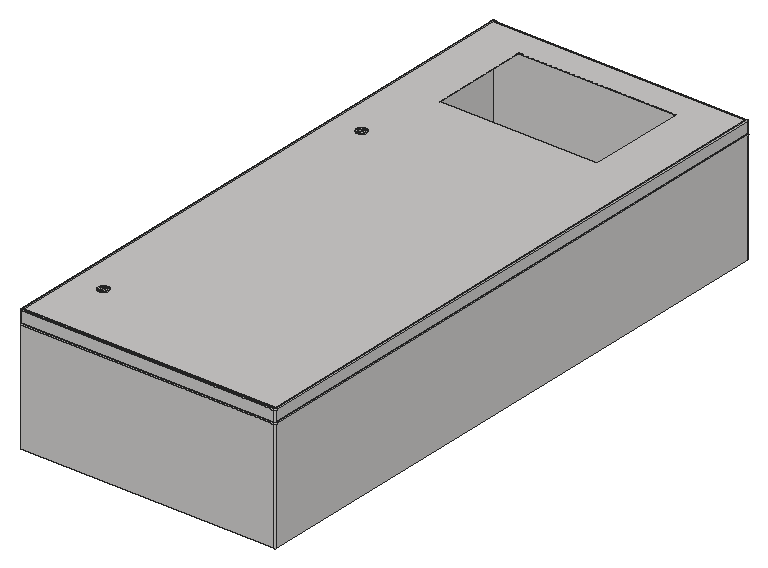
Revit family "Waste_Receptacle-Bobrick-TrimLineSeries-B-35649", category Specialty Equipment, host Face, Revit 2019
Family settings
  Host = Face
  Round Connector Dimension = Use Diameter
  Part Type = Normal
  OmniClass Number = 23.40.20.21.17
  OmniClass Title = Paper Towel Dispensers, Disposal Units
  Cut with Voids When Loaded = No
  Shared = Yes
  Room Calculation Point = No
Parameters (values of type "B-35649")
  Width = 17 3/8"
  Warranty Information = "1 Year Limited Warranty"
  Warranty Documentation Link = "https://www.bobrick.com/wp-content/uploads/product_warranties-6.pdf"
  URL = "http://www.bobrick.com/"
  Type Comments = ""
  Specification = "Surface-mounted paper waste receptacle shall be Type-304 stainless steel with all-welded construction; exposed surfaces shall have satin finish. Door shall be Type-304, 18 gauge (1.2mm) secured to cabinet with a concealed, full-length stainless steel piano-hinge, cable door-swing limiter and equipped with two tumbler locks keyed like other Bobrick washroom accessories. Waste receptacle shall be furnished with a removable, leak-proof, rigid molded plastic waste-container with a minimum capacity of 12-gal. (45.4-L)."
  Revised Date = "11/03/2020"
  Product Page URL = "https://www.bobrick.com/products/washroom-accessories/washroom-accessories-catalog/product/b-35649/"
  Product Documentation Link = "https://www.bobrick.com/wp-content/uploads/B-35649_td.pdf"
  Price = "Prices may vary. Please consult Manufacturer Representative for most up-to-date price list."  # constant formula
  Model = "B-35649"
  Materials = "Stainless Steel-Bobrick-Type 304-Satin"
  Manufacturer = "Bobrick Washroom Equipment, Inc."
  Length = 8 7/16"
  Installation Type = "Surface-Mounted"
  Height = 40 1/8"
  Finish = Stainless Steel-Bobrick-Type 304-Satin
  Description = "TrimLineSeries™ Surface-Mounted Waste Receptacle"
  Default Elevation = 48"
  Creation Date = "01/16/2017"
  Assembly Code = "E1090900"
  ADA Compliant = yes
Reference planes (in)
  plane 1 "Center (Front/Back)": y = 0
  plane 2: z = 0
  plane 3 "Center (Left/Right)": x = 0
  plane 4: x = -8.6875
  plane 5: x = 8.6875
  plane 6: y = -40.125
  plane 7: z = 8.4375
  plane 8: y = -2
  plane 9: y = -8.75
  plane 10: x = 5.34375
  plane 11: x = -5.34375
  plane 12: y = -32.0625
  plane 13: y = -8.0625
  plane 14: x = -6.59375
  plane 15: x = 6.59375
  plane 16: y = -35.625
  plane 17: y = -13.75
Forms (in)
  Sweep 1, solid, material "Stainless Steel-Bobrick-Type 304-Satin" <- "Finish"
    path origin (0, 14.16954, 0) x (1, 0, 0) y (0, 1, 0)
      loop
        arc (-8.5625, -14.16954) -> (-8.65089, -14.20615) -> (-8.6875, -14.29454) r 0.125
        line (-8.6875, -14.29454) -> (-8.6875, -54.16954)
        arc (-8.6875, -54.16954) -> (-8.65089, -54.25793) -> (-8.5625, -54.29454) r 0.125
        line (-8.5625, -54.29454) -> (8.5625, -54.29454)
        arc (8.5625, -54.29454) -> (8.65089, -54.25793) -> (8.6875, -54.16954) r 0.125
        line (8.6875, -54.16954) -> (8.6875, -14.29454)
        arc (8.6875, -14.29454) -> (8.65089, -14.20615) -> (8.5625, -14.16954) r 0.125
        line (8.5625, -14.16954) -> (-8.5625, -14.16954)
    profile origin (0, 0, 0) x (0, 1, 0) y (0, 0, 1)
      loop
        line (0, 0) -> (0, 7.56349)
        arc (0, 7.56349) -> (-0.01492, 7.59738) -> (-0.05, 7.60925) r 0.04594
        line (-0.05, 7.60925) -> (-0.05, 7.6875) -> (-0.01454, 7.6875) -> (-0.01454, 8.375)
        arc (-0.01454, 8.375) -> (-0.03284, 8.41919) -> (-0.07704, 8.4375) r 0.0625
        line (-0.07704, 8.4375) -> (-0.12391, 8.4375) -> (-0.12391, 0) -> (0, 0)
  Extrusion 2, solid, material "Stainless Steel-Bobrick-Type 304-Satin" <- "Finish"
    sketch origin (0, 0, -2.52687) x (1, 0, 0) y (0, 1, 0)
      loop
        line (-8.56359, -0.12391) -> (-8.56359, -40.00109) -> (8.56359, -40.00109) -> (8.56359, -0.12391) -> (-8.56359, -0.12391)
      loop
        arc (-5.28125, -2) -> (-5.32544, -2.01831) -> (-5.34375, -2.0625) r 0.0625
        line (-5.34375, -2.0625) -> (-5.34375, -8.6875)
        arc (-5.34375, -8.6875) -> (-5.32544, -8.73169) -> (-5.28125, -8.75) r 0.0625
        line (-5.28125, -8.75) -> (5.28125, -8.75)
        arc (5.28125, -8.75) -> (5.32544, -8.73169) -> (5.34375, -8.6875) r 0.0625
        line (5.34375, -8.6875) -> (5.34375, -2.0625)
        arc (5.34375, -2.0625) -> (5.32544, -2.01831) -> (5.28125, -2) r 0.0625
        line (5.28125, -2) -> (-5.28125, -2)
    from 10.93237 to 10.96437
  Extrusion 3, solid, material "Stainless Steel-Bobrick-Type 304-Satin" <- "Finish"
    sketch origin (0, 0, 0) x (1, 0, 0) y (0, 1, 0)
      loop
        line (8.56359, -40.00109) -> (8.56359, -0.12391) -> (-8.56359, -0.12391) -> (-8.56359, -40.00109) -> (8.56359, -40.00109)
      loop
        circle (-6.59375, -32.0625) r 0.11
      loop
        circle (6.59375, -32.0625) r 0.11
      loop
        circle (-6.59375, -8.0625) r 0.11
      loop
        circle (6.59375, -8.0625) r 0.11
    from 0 to 0.032
  Extrusion 4, void
    sketch origin (-11.32118, 2.44102, 7.875) x (-1, 0, 0) y (0, -1, 0)
      loop
        line (-4.78434, 15.987) -> (-4.70234, 15.987) -> (-4.70234, 16.10642)
        arc (-4.70234, 16.10642) -> (-4.61659, 16.22543) -> (-4.70234, 16.34445) r 0.12547
        line (-4.70234, 16.34445) -> (-4.70234, 16.377) -> (-4.78434, 16.377) -> (-4.78434, 16.34356)
        arc (-4.78434, 16.34356) -> (-4.86753, 16.22543) -> (-4.78434, 16.1073) r 0.12547
        line (-4.78434, 16.1073) -> (-4.78434, 15.987)
      loop
        line (-4.72772, 16.01825) -> (-4.72772, 16.34575) -> (-4.75897, 16.34575) -> (-4.75897, 16.01825) -> (-4.72772, 16.01825)
    from 0.53249 to 0.58531
  Revolve 5, solid, material "Stainless Steel-Bobrick-Type 304-Satin" <- "Finish"
    sketch origin (-6.58671, -15.07115, 4.20008) x (0, -1, 0) y (0, 0, 1)
      loop
        line (-1.31454, 3.98742) -> (-0.97157, 3.98742) -> (-0.97157, 4.23742) -> (-1.00305, 4.20594)
        arc (-1.00305, 4.20594) -> (-1.01228, 4.2282) -> (-1.03454, 4.23742) r 0.03148
        line (-1.03454, 4.23742) -> (-1.31454, 4.23742) -> (-1.31454, 3.98742)
      axis (-1.31454, 3.98742) -> (-1.31454, 4.23742)
    angle from 0 to 360
  Extrusion 6, void
    sketch origin (-11.32118, -19.43665, 7.875) x (-1, 0, 0) y (0, -1, 0)
      loop
        line (-4.78434, 15.987) -> (-4.70234, 15.987) -> (-4.70234, 16.10642)
        arc (-4.70234, 16.10642) -> (-4.61659, 16.22543) -> (-4.70234, 16.34445) r 0.12547
        line (-4.70234, 16.34445) -> (-4.70234, 16.377) -> (-4.78434, 16.377) -> (-4.78434, 16.34356)
        arc (-4.78434, 16.34356) -> (-4.86753, 16.22543) -> (-4.78434, 16.1073) r 0.12547
        line (-4.78434, 16.1073) -> (-4.78434, 15.987)
      loop
        line (-4.72772, 16.01825) -> (-4.72772, 16.34575) -> (-4.75897, 16.34575) -> (-4.75897, 16.01825) -> (-4.72772, 16.01825)
    from 0.53249 to 0.58531
  Revolve 7, solid, material "Stainless Steel-Bobrick-Type 304-Satin" <- "Finish"
    sketch origin (-6.58671, -36.94881, 4.20008) x (0, -1, 0) y (0, 0, 1)
      loop
        line (-1.31454, 3.98742) -> (-0.97157, 3.98742) -> (-0.97157, 4.23742) -> (-1.00305, 4.20594)
        arc (-1.00305, 4.20594) -> (-1.01228, 4.2282) -> (-1.03454, 4.23742) r 0.03148
        line (-1.03454, 4.23742) -> (-1.31454, 4.23742) -> (-1.31454, 3.98742)
      axis (-1.31454, 3.98742) -> (-1.31454, 4.23742)
    angle from 0 to 360
Cuts and joins
  Extrusion 4 cuts Revolve 5
  Extrusion 6 cuts Revolve 7
  Extrusion 4, Extrusion 6 cuts Extrusion 2
Lines and regions (in)
  Masking region 1
    outline origin (-16.7633, 0, 13.93265) x (1, 0, 0) y (0, 0, 1)
      loop
        line (8.09034, -5.55765) -> (8.09034, -6.24515) -> (8.1258, -6.24515) -> (8.1258, -6.3234)
        arc (8.1258, -6.3234) -> (8.09072, -6.33527) -> (8.0758, -6.36916) r 0.04594
        line (8.0758, -6.36916) -> (8.0758, -13.93265) -> (25.4508, -13.93265) -> (25.4508, -6.36916)
        arc (25.4508, -6.36916) -> (25.43588, -6.33527) -> (25.4008, -6.3234) r 0.04594
        line (25.4008, -6.3234) -> (25.4008, -6.24515) -> (25.43626, -6.24515) -> (25.43626, -5.55765)
        arc (25.43626, -5.55765) -> (25.41796, -5.51346) -> (25.37376, -5.49515) r 0.0625
        line (25.37376, -5.49515) -> (10.59066, -5.49515) -> (8.15284, -5.49515)
        arc (8.15284, -5.49515) -> (8.10864, -5.51346) -> (8.09034, -5.55765) r 0.0625
  symbolic lines, detail levels medium+fine
    curve 1: line (8.6375, 0, 7.60925) -> (-8.6375, 0, 7.60925)
    curve 2: line (-8.6375, 0, 7.6875) -> (8.6375, 0, 7.6875)
  symbolic lines, detail levels fine
    curve 3: line (-6.17264, 0, 8.4375) -> (-7.01486, 0, 8.4375)
Dimensions and locks (in)
  "Width": plane 4 to plane 5
  "Height": plane 6 to plane 1 "Center (Front/Back)"
  "Length": host face to plane 7
  aligned and locked: plane 2 to host face
  aligned and locked: level to host face
Automatic sketch dimensions
  host sketch curve to host sketch curve = 96"
  host sketch curve to host sketch curve = 135.11435"
  Sweep 1 sketch curve to plane 4 = 0"
  plane 6 to Sweep 1 sketch curve = 0"
  plane 1 "Center (Front/Back)" to Sweep 1 sketch curve = 0"
  Sweep 1 sketch curve to plane 5 = 0"
  plane 1 "Center (Front/Back)" to Sweep 1 sketch curve = 1/8"
  plane 4 to Sweep 1 sketch curve = 1/8"
  Sweep 1 sketch curve to plane 5 = 1/8"  (x2)
  Sweep 1 sketch curve to profile plane = 0"  (x2)
  profile plane to Sweep 1 sketch curve = 0.01454"
  profile plane to Sweep 1 sketch curve = 0.04594"
  Sweep 1 sketch curve to Sweep 1 sketch curve = 0.00406"
  profile plane to Sweep 1 sketch curve = 0.07704"
  Sweep 1 sketch curve to Sweep 1 sketch curve = 3/64"
  profile plane to Sweep 1 sketch curve = 7.56349"
  Sweep 1 sketch curve to Sweep 1 sketch curve = 0.07825"
  Sweep 1 sketch curve to Sweep 1 sketch curve = 11/16"
  Extrusion 2 sketch curve to plane 11 = 0"
  plane 8 to Extrusion 2 sketch curve = 0"
  plane 9 to Extrusion 2 sketch curve = 0"
  Extrusion 2 sketch curve to plane 10 = 0"
  plane 4 to Extrusion 2 sketch curve = 0.12391"
  plane 11 to Extrusion 2 sketch curve = 1/16"
  Extrusion 2 sketch curve to Extrusion 2 sketch curve = 1/16"  (x2)
  plane 8 to Extrusion 2 sketch curve = 1/16"
  Extrusion 2 sketch curve to plane 5 = 0.12391"
  Extrusion 2 sketch curve to plane 6 = 0.12391"
  plane 1 "Center (Front/Back)" to Extrusion 2 sketch curve = 0.12391"
  plane 12 to Extrusion 3 sketch curve = 0"  (x2)
  Extrusion 3 sketch curve to plane 14 = 0"  (x2)
  plane 13 to Extrusion 3 sketch curve = 0"  (x2)
  Extrusion 3 sketch curve to plane 15 = 0"  (x2)
  plane 4 to Extrusion 3 sketch curve = 0.12391"
  Extrusion 3 sketch curve to plane 5 = 0.12391"
  Extrusion 3 sketch curve to plane 6 = 0.12391"
  plane 1 "Center (Front/Back)" to Extrusion 3 sketch curve = 0.12391"
  curve 3 to plane 7 = 0"
  plane 4 to curve 1 = 0.05"
  plane 4 to curve 2 = 0.05"
  curve 3 to plane 14 = 0.42111"
  plane 14 to curve 3 = 0.42111"
  curve 2 to plane 5 = 0.05"
  curve 1 to plane 5 = 0.05"
  plane 7 to curve 2 = 3/4"
  curve 1 to curve 2 = 0.07825"
  Extrusion 4 sketch curve to Extrusion 4 sketch curve = 0"  (x2)
  plane 14 to Extrusion 4 sketch curve = 0.05692"  (x2)
  plane 14 to Extrusion 4 sketch curve = 0.03154"
  plane 14 to Extrusion 4 sketch curve = 0.01463"
  plane 14 to Extrusion 4 sketch curve = 0.00029"
  Extrusion 4 sketch curve to plane 14 = 0.02508"  (x2)
  Extrusion 4 sketch curve to plane 17 = 0.20402"
  Extrusion 4 sketch curve to Extrusion 4 sketch curve = 1/32"
  Extrusion 4 sketch curve to plane 17 = 0.0846"
  Extrusion 4 sketch curve to Extrusion 4 sketch curve = 0.00089"
  plane 17 to Extrusion 4 sketch curve = 0.03442"
  Extrusion 4 sketch curve to Extrusion 4 sketch curve = 0.0013"
  Extrusion 4 sketch curve to Extrusion 4 sketch curve = 0.03255"
  plane 17 to Revolve 5 sketch curve = 0.00661"  (x2)
  Revolve 5 sketch curve to Revolve 5 sketch curve = 0.28"
  Revolve 5 sketch curve to Revolve 5 sketch curve = 0.03148"  (x3)
  level to Revolve 5 sketch curve = 8 3/16"
  Revolve 5 sketch curve to Revolve 5 sketch curve = 0.21852"
  Revolve 5 sketch curve to Revolve 5 sketch curve = 0"
  Revolve 5 sketch curve to Revolve 5 sketch curve = 0.11448"
  Extrusion 6 sketch curve to Extrusion 6 sketch curve = 0"  (x2)
  plane 14 to Extrusion 6 sketch curve = 0.05692"  (x2)
  plane 14 to Extrusion 6 sketch curve = 0.03154"
  plane 14 to Extrusion 6 sketch curve = 0.01463"
  plane 14 to Extrusion 6 sketch curve = 0.00029"
  Extrusion 6 sketch curve to plane 14 = 0.02508"  (x2)
  Extrusion 6 sketch curve to plane 16 = 0.20135"
  Extrusion 6 sketch curve to Extrusion 6 sketch curve = 1/32"
  Extrusion 6 sketch curve to plane 16 = 0.08193"
  Extrusion 6 sketch curve to plane 16 = 0.08105"
  plane 16 to Extrusion 6 sketch curve = 0.03708"
  Extrusion 6 sketch curve to Extrusion 6 sketch curve = 0.0013"
  Extrusion 6 sketch curve to Extrusion 6 sketch curve = 0.03255"
  plane 16 to Revolve 7 sketch curve = 0.00928"  (x2)
  Revolve 7 sketch curve to Revolve 7 sketch curve = 0.28"
  Revolve 7 sketch curve to Revolve 7 sketch curve = 0.03148"  (x3)
  level to Revolve 7 sketch curve = 8 3/16"
  Revolve 7 sketch curve to Revolve 7 sketch curve = 0.21852"
  Revolve 7 sketch curve to Revolve 7 sketch curve = 0"
  Revolve 7 sketch curve to Revolve 7 sketch curve = 0.11448"
  Masking region 1 sketch curve to plane 4 = 0"
  Masking region 1 sketch curve to plane 7 = 0"
  Masking region 1 sketch curve to level = 0"
  Masking region 1 sketch curve to plane 5 = 0"
  plane 4 to Masking region 1 sketch curve = 0.01454"
  Masking region 1 sketch curve to Masking region 1 sketch curve = 0.04594"
  Masking region 1 sketch curve to Masking region 1 sketch curve = 0.00406"
  Masking region 1 sketch curve to Masking region 1 sketch curve = 1/16"
  Masking region 1 sketch curve to plane 5 = 0.07704"
  Masking region 1 sketch curve to plane 5 = 0.05"
  Masking region 1 sketch curve to plane 5 = 0.04594"
  Masking region 1 sketch curve to plane 5 = 0.01454"
  Masking region 1 sketch curve to Masking region 1 sketch curve = 0.81151"  (x2)
  Masking region 1 sketch curve to Masking region 1 sketch curve = 0.07825"  (x2)
  plane 14 to Masking region 1 sketch curve = 0.42111"
  radius of Extrusion 3 sketch curve = 0.11"  (x4)
